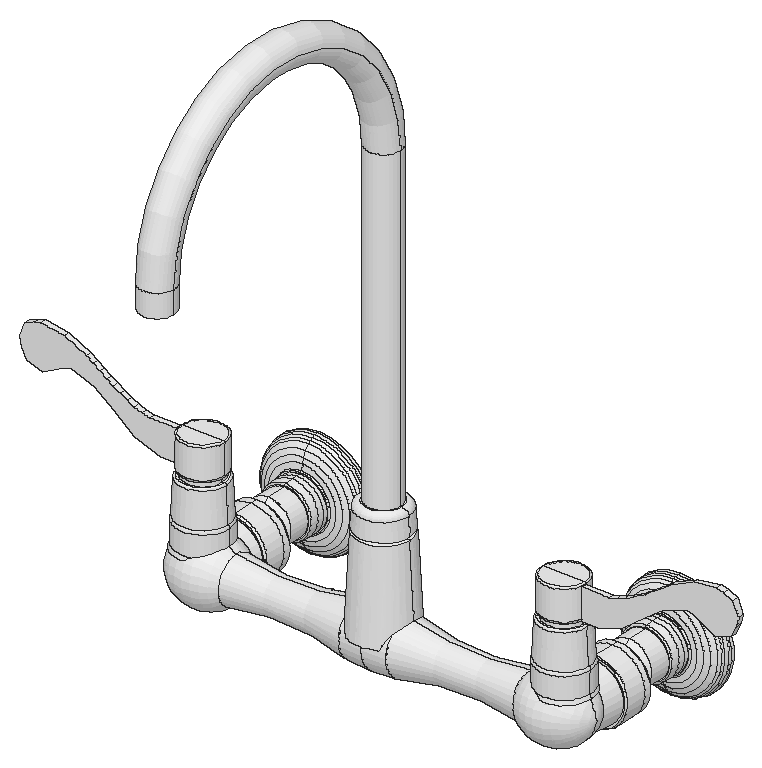
Revit family
Parameters (values of type "7293.172H.002")
  Waste Connection = no
  WFU = 0
  Vent Connection = no
  URL = "http://www.americanstandard-us.com/"
  Type Comments = ""
  Revised Date = "12/12/11"
  Product URL = "http://www.americanstandard-us.com/products/productDetail.aspx?id=4442"
  Phone # = "416-250-5656"
  Model = "7293.172H.002"
  Material = Chrome Plated
  Manufacturer = "American Standard"
  HWFU = 0
  HW Connection = no
  Designed By = "ATS BIM Team"
  Description = "'HERITAGE' Wall Mount Sink Faucet, C.P. 8\" (203mm) C.C. heavy duty construction, back mounted, solid cast brass lead-free body, 1/4 turn ceramic disc valve cartridges, 12-1/4\" (311mm) max. wall to outlet reach swing gooseneck spout with vandal-resistant 5.7 LPM (1.5 GPM) flow laminar (non-aerating) pressure compensating outlet, integral stops, V.R. red and blue indexed cast brass 4\" (102mm) blade handles and solid brass shank nuts."
  Cost = 0
  CWFU = 0
  CW Connection = no
Reference planes (in)
  plane 1: y = 0
  plane 2: z = -0.0765
  plane 3: x = 0
  plane 4: x = -4.01575
  plane 5: x = 4.01575
  plane 6: y = -3.23516
Forms (in)
  Revolve 1, solid, material "Chrome Plated" <- "Material"
    sketch origin (4.01575, -1.2, 1.31201) x (0, 0, -1) y (0, 1, 0)
      loop
        line (0.13207, 1.07957) -> (0.153, 1.01318) -> (0.18692, 0.95239) -> (0.23243, 0.89971) -> (0.33031, 0.8228) -> (0.44043, 0.76476) -> (0.5592, 0.72748) -> (0.68273, 0.71218)
        arc (0.68273, 0.71218) -> (0.69692, 0.69694) -> (0.70022, 0.67638) r 0.03579
        line (0.70022, 0.67638) -> (0.7313, 0.67638) -> (0.73299, 0.57927) -> (0.73526, 0.44968) -> (0.74902, 0.26299)
        arc (0.74902, 0.26299) -> (0.75761, 0.24723) -> (0.77514, 0.24331) r 0.02174
        line (0.77514, 0.24331) -> (0.80627, 0.24331) -> (0.80627, -0.2135) -> (0.92126, -0.33161) -> (0.92126, -0.46429) -> (1.31201, -0.46429) -> (1.31201, 1.2) -> (0.11977, 1.2) -> (0.125, 1.14882) -> (0.13207, 1.07957)
      axis (1.31201, -0.46429) -> (1.31201, 1.2)
    angle from 0 to 360
  Revolve 2, solid, material "Chrome Plated" <- "Material"
    sketch origin (4.01575, -1.2, 1.31201) x (0, 0, -1) y (0, 1, 0)
      loop
        line (0.7185, -1.15477) -> (0.74362, -1.19657) -> (0.7907, -1.19657) -> (0.83596, -1.75588) -> (1.43701, -1.75588) -> (1.43701, -0.41311) -> (0.83776, -0.41311) -> (0.7185, -0.53227) -> (0.7185, -0.68083) -> (0.7185, -1.15477)
      axis (1.43701, -1.75588) -> (1.43701, -0.41311)
    angle from 0 to 360
  Revolve 3, solid, material "Chrome Plated" <- "Material"
    sketch origin (3.01575, -3.23516, 48) x (-1, 0, 0) y (0, 0, 1)
      loop
        arc (6.29366, -47.56534) -> (4.91635, -47.68077) -> (3.54816, -47.48486) r 6.13321
        line (3.54816, -47.48486) -> (3.01575, -47.45563) -> (2.48333, -47.48486)
        arc (2.48333, -47.48486) -> (1.11515, -47.68077) -> (-0.26217, -47.56534) r 6.13321
        arc (-0.26217, -47.56534) -> (-1.15046, -47.38808) -> (-1.73916, -48.0765) r 0.89568
        line (-1.73916, -48.0765) -> (7.77066, -48.0765)
        arc (7.77066, -48.0765) -> (7.18196, -47.38808) -> (6.29366, -47.56534) r 0.89568
      axis (-1.73916, -48.0765) -> (7.77066, -48.0765)
    angle from 0 to 360
  Revolve 4, solid, material "Chrome Plated" <- "Material"
    sketch origin (-4.01575, -1.2, 1.31201) x (0, 0, -1) y (0, 1, 0)
      loop
        line (0.13207, 1.07957) -> (0.153, 1.01318) -> (0.18692, 0.95239) -> (0.23243, 0.89971) -> (0.33031, 0.8228) -> (0.44043, 0.76476) -> (0.5592, 0.72748) -> (0.68273, 0.71218)
        arc (0.68273, 0.71218) -> (0.69692, 0.69694) -> (0.70022, 0.67638) r 0.03579
        line (0.70022, 0.67638) -> (0.7313, 0.67638) -> (0.73299, 0.57927) -> (0.73526, 0.44968) -> (0.74902, 0.26299)
        arc (0.74902, 0.26299) -> (0.75761, 0.24723) -> (0.77514, 0.24331) r 0.02174
        line (0.77514, 0.24331) -> (0.80627, 0.24331) -> (0.80627, -0.2135) -> (0.92126, -0.33161) -> (0.92126, -0.46429) -> (1.31201, -0.46429) -> (1.31201, 1.2) -> (0.11977, 1.2) -> (0.125, 1.14882) -> (0.13207, 1.07957)
      axis (1.31201, -0.46429) -> (1.31201, 1.2)
    angle from 0 to 360
  Revolve 5, solid, material "Chrome Plated" <- "Material"
    sketch origin (-4.01575, -1.2, 1.31201) x (0, 0, -1) y (0, 1, 0)
      loop
        line (0.7185, -1.15477) -> (0.74362, -1.19657) -> (0.7907, -1.19657) -> (0.83596, -1.75588) -> (1.43701, -1.75588) -> (1.43701, -0.41311) -> (0.83776, -0.41311) -> (0.7185, -0.53227) -> (0.7185, -0.68083) -> (0.7185, -1.15477)
      axis (1.43701, -1.75588) -> (1.43701, -0.41311)
    angle from 0 to 360
  Revolve 6, solid, material "Chrome Plated" <- "Material"
    sketch origin (3.01575, -3.23516, 48) x (-1, 0, 0) y (0, 0, 1)
      loop
        line (7.0315, -46.28058) -> (7.0315, -47.67859) -> (7.64517, -47.67859) -> (7.61614, -47.58926) -> (7.61614, -47.12123)
        arc (7.61614, -47.12123) -> (7.60886, -47.07992) -> (7.58789, -47.0436) r 0.12076
        line (7.58789, -47.0436) -> (7.55102, -46.28058)
        arc (7.55102, -46.28058) -> (7.54005, -46.25408) -> (7.51355, -46.24311) r 0.03747
        line (7.51355, -46.24311) -> (7.45866, -46.24311) -> (7.45866, -46.15256)
        arc (7.45866, -46.15256) -> (7.46823, -46.13156) -> (7.49036, -46.125) r 0.02783
        arc (7.49036, -46.125) -> (7.50922, -46.11719) -> (7.51703, -46.09833) r 0.02667
        line (7.51703, -46.09833) -> (7.51703, -45.43403)
        arc (7.51703, -45.43403) -> (7.50839, -45.41317) -> (7.48753, -45.40453) r 0.0295
        line (7.48753, -45.40453) -> (7.0315, -45.40453) -> (7.0315, -46.28058)
      axis (7.0315, -47.67859) -> (7.0315, -45.40453)
    angle from 0 to 360
  Extrusion 7, solid, material "Chrome Plated" <- "Material"
    sketch origin (3.01575, -3.23516, 48) x (-1, 0, 0) y (0, 0, 1)
      loop
        line (7.54379, -46.125) -> (7.88189, -46.125) -> (8.44186, -45.92158) -> (8.92153, -45.56821) -> (9.3483, -45.25408) -> (9.84661, -45.07381) -> (10.00255, -45.1092) -> (10.14633, -45.17917) -> (10.49293, -45.36335) -> (10.86571, -45.24055) -> (10.97041, -45.02151) -> (11.00993, -44.82003) -> (10.89643, -44.51921) -> (10.69578, -44.43358) -> (10.53543, -44.39272) -> (10.01038, -44.46827) -> (9.52793, -44.6888) -> (9.38226, -44.79187) -> (9.23518, -44.89292) -> (9.08642, -44.99147) -> (8.93562, -45.08687) -> (8.78228, -45.17813) -> (8.62567, -45.26364) -> (8.46465, -45.34048) -> (8.29741, -45.40241) -> (8.12205, -45.43209) -> (7.54379, -45.43209) -> (7.0315, -45.43209) -> (7.0315, -46.125) -> (7.54379, -46.125)
    from 0 to -0.12194
  Revolve 8, solid, material "Chrome Plated" <- "Material"
    sketch origin (-3.01575, -3.23516, 48) x (1, 0, 0) y (0, 0, -1)
      loop
        line (7.0315, 46.28058) -> (7.0315, 45.40453) -> (7.48753, 45.40453)
        arc (7.48753, 45.40453) -> (7.50839, 45.41317) -> (7.51703, 45.43403) r 0.0295
        line (7.51703, 45.43403) -> (7.51703, 46.09833)
        arc (7.51703, 46.09833) -> (7.50922, 46.11719) -> (7.49036, 46.125) r 0.02667
        arc (7.49036, 46.125) -> (7.46823, 46.13156) -> (7.45866, 46.15256) r 0.02783
        line (7.45866, 46.15256) -> (7.45866, 46.24311) -> (7.51355, 46.24311)
        arc (7.51355, 46.24311) -> (7.54005, 46.25408) -> (7.55102, 46.28058) r 0.03747
        line (7.55102, 46.28058) -> (7.58789, 47.0436)
        arc (7.58789, 47.0436) -> (7.60886, 47.07992) -> (7.61614, 47.12123) r 0.12076
        line (7.61614, 47.12123) -> (7.61614, 47.58926) -> (7.64517, 47.67859) -> (7.0315, 47.67859) -> (7.0315, 46.28058)
      axis (7.0315, 47.67859) -> (7.0315, 45.40453)
    angle from 0 to 360
  Extrusion 9, solid, material "Chrome Plated" <- "Material"
    sketch origin (-3.01575, -3.23516, 48) x (1, 0, 0) y (0, 0, -1)
      loop
        line (7.54379, 46.125) -> (7.0315, 46.125) -> (7.0315, 45.43209) -> (7.54379, 45.43209) -> (8.12205, 45.43209) -> (8.29741, 45.40241) -> (8.46465, 45.34048) -> (8.62567, 45.26364) -> (8.78228, 45.17813) -> (8.93562, 45.08687) -> (9.08642, 44.99147) -> (9.23518, 44.89292) -> (9.38226, 44.79187) -> (9.52793, 44.6888) -> (10.01038, 44.46827) -> (10.53543, 44.39272) -> (10.69578, 44.43358) -> (10.89643, 44.51921) -> (11.00993, 44.82003) -> (10.97041, 45.02151) -> (10.86571, 45.24055) -> (10.49293, 45.36335) -> (10.14633, 45.17917) -> (10.00255, 45.1092) -> (9.84661, 45.07381) -> (9.3483, 45.25408) -> (8.92153, 45.56821) -> (8.44186, 45.92158) -> (7.88189, 46.125) -> (7.54379, 46.125)
    from 0 to -0.12194
  Revolve 10, solid, material "Chrome Plated" <- "Material"
    sketch origin (3.01575, -3.23516, 48) x (-1, 0, 0) y (0, 0, 1)
      loop
        line (3.70957, -47.9502) -> (3.60413, -45.93829) -> (3.48743, -45.91348) -> (3.48743, -45.87495) -> (3.59499, -45.87495) -> (3.57412, -45.47676)
        arc (3.57412, -45.47676) -> (3.53106, -45.37279) -> (3.42709, -45.32972) r 0.14703
        line (3.42709, -45.32972) -> (3.01575, -45.32972) -> (3.01575, -47.9502) -> (3.70957, -47.9502)
      axis (3.01575, -47.9502) -> (3.01575, -45.32972)
    angle from 0 to 360
  Sweep 11, solid, material "Chrome Plated" <- "Material"
    path origin (0, -60, 0) x (0, 1, 0) y (0, 0, 1)
      loop
        line (56.76484, 2.25511) -> (56.76484, 9.75689)
        arc (56.76484, 9.75689) -> (53.61524, 12.9065) -> (50.46563, 9.75689) r 3.14961
        line (50.46563, 9.75689) -> (50.46563, 9.25345)
    profile origin (0, -3.23516, 6.006) x (0, -1, 0) y (1, 0, 0)
      loop
        circle (0, 0) r 0.375
Cuts and joins
  joined: Revolve 1, Revolve 2
  joined: Revolve 3, Revolve 6, Revolve 8, Revolve 10, Sweep 11
